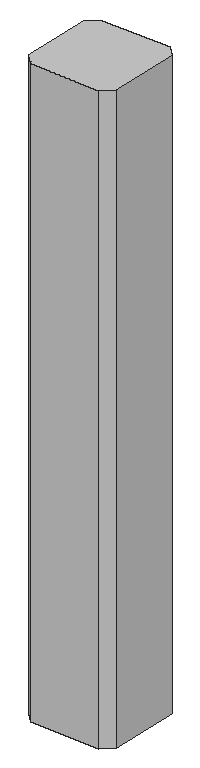
Revit family
Parameters (values of type "450 x 450mm")
  Keynote = "G"
  Depth = 450 mm
  Material = Concrete - Cast-in-Place Concrete
  Offset Base = 0 mm
  Offset Top = 0 mm
  Width = 450 mm
Types (4, lengths in mm): name | Depth | Width
  (no name) | 450 | 450
  450 x 450mm | 450 | 450
  450 x 600mm | 600 | 450
  600 x 600mm | 600 | 600
Reference planes
  plane 1 "Center (Front/Back)": y = 0
  plane 2: z = 0
  plane 3 "Center (Left/Right)": x = 15.208
  plane 4 "Left": x = -209.792
  plane 5 "Right": x = 240.208
  plane 6 "Back": y = 225
  plane 7 "Front": y = -225
  plane 8: z = 3000
  plane 9: z = 0
Forms (mm)
  Extrusion 1, solid, material "Concrete - Cast-in-Place Concrete" <- "Material"
    sketch origin (0, 0, 0) x (1, 0, 0) y (0, 1, 0)
      loop
        line (-158.792, 225) -> (-209.792, 174) -> (-209.792, -174) -> (-158.792, -225) -> (189.208, -225) -> (240.208, -174) -> (240.208, 174) -> (189.208, 225) -> (-158.792, 225)
    from 0 to 3000
Dimensions and locks
  equal spacing: plane 4 "Left", plane 3 "Center (Left/Right)", plane 5 "Right"
  equal spacing: plane 7 "Front", plane 1 "Center (Front/Back)", plane 6 "Back"
  "Width": plane 4 "Left" to plane 5 "Right"
  "Depth": plane 7 "Front" to plane 6 "Back"
  "Offset Top": level to plane 8
  "Offset Base": plane 9 to level
  aligned and locked: Extrusion 1 to plane 9
  aligned and locked: plane 8 to Extrusion 1
Automatic sketch dimensions
  Extrusion 1 sketch curve to plane 4 "Left" = 0 mm
  Extrusion 1 sketch curve to plane 7 "Front" = 0 mm
  Extrusion 1 sketch curve to plane 6 "Back" = 0 mm
  Extrusion 1 sketch curve to plane 5 "Right" = 0 mm
  Extrusion 1 sketch curve to plane 4 "Left" = 51 mm  (x2)
  plane 5 "Right" to Extrusion 1 sketch curve = 51 mm  (x2)
  Extrusion 1 sketch curve to plane 7 "Front" = 51 mm  (x2)
  plane 6 "Back" to Extrusion 1 sketch curve = 51 mm  (x2)
